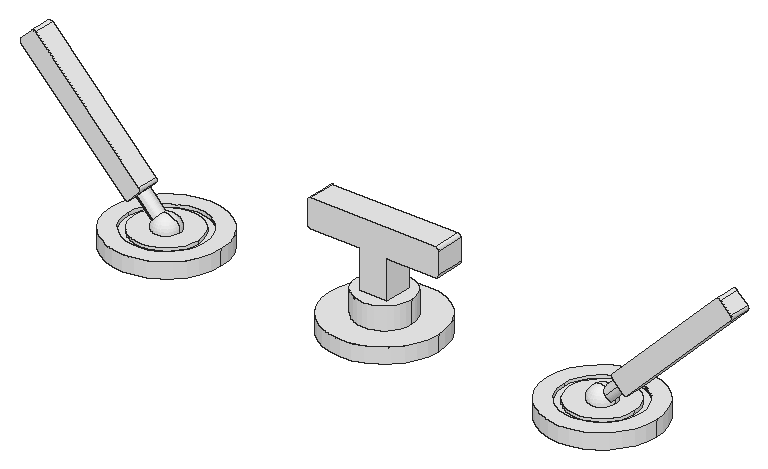
Revit family "Deca_Misturador Bidê Stick_1895.C84", category Plumbing Fixtures, host Face, Revit 2010
Parameters (values of type "1895.C84_Cromado CR10")
  Vendido Separadamente = " Ligação Flexível: 30 cm (4607.C.030), 40 cm (4607.C.040), 50 cm (4607.C.050)."  # constant formula
  Variações de COR = "Cromado (1895.C84)"  # constant formula
  URL = "www.deca.com.br/produtos"
  Segmento = "Luxo"  # constant formula
  Raio Água Quente = 7.5 mm  # constant formula
  Raio Água Fria = 7.5 mm  # constant formula
  Produto = "Misturador bidê Stick"  # constant formula
  Pressão = "2 A 40 mca"  # constant formula
  Peso Liquido (Kg) = 2.16
  Norma = "ABNT NBR 10283:2003"  # constant formula
  Model = Código  # "1895.C84"
  Misturador = Deca CR10 Cromado Metal
  Material = "Deca_Latão Cromado e Plástico de Engenharia"  # constant formula
  Manufacturer = "Deca"  # constant formula
  Louça/Metais = "Metal"  # constant formula
  Linha = "Stick"  # constant formula
  Informações Complementares = "Mecanismo: 1/4 volta"  # constant formula
  HWFU = 0
  Flow Pressure = 0.00 psi
  Diâmetro Água Quente = Raio Água Quente * 2  # 15 mm
  Diâmetro Água Fria = Raio Água Fria * 2  # 15 mm
  Distancia [instance] = 0 mm
  Description = "Misturador bidê"  # constant formula
  Default Elevation = 0 mm
  Código = "1895.C84"  # constant formula
  Criado por = "Contino/quattroD"  # constant formula
  Consumo = "Varia com a pressão"  # constant formula
  CWFU = 0
  Atendimento ao Cliente = "0800-0117073"  # constant formula
  Assembly Code = "D2020"
  Aprovado por = "Contino/quattroD"  # constant formula
  Acompanha o Produto = "Válvula de escoamento 1601.C"  # constant formula
Reference planes
  plane 1 "Center (Front/Back)": y = -110
  plane 2: z = 0
  plane 3 "Center (Left/Right)": x = 0
  plane 4 "Left 1": x = -25
  plane 5 "Back 1": y = -85
  plane 6 "Front  1": y = -135
  plane 7 "Right 1": x = 25
  plane 8 "Right 3": x = 125
  plane 9 "Right 2": x = 100
  plane 10 "Left 3": x = -125
  plane 11 "Left 2": x = -100
  plane 12 "Top 1": z = 7
  plane 13 "Top 2": z = 70.28
  plane 14 "Distancia": y = -110
Forms (mm)
  Extrusion 1, solid, material "Deca CR10 Cromado Metal"
    sketch origin (0, 0, 0) x (1, 0, 0) y (0, 1, 0)
      loop
        circle (0, -110) r 12.6
    from 7 to 17
  Extrusion 2, solid, material "Deca CR10 Cromado Metal"
    sketch origin (0, -110, 0) x (1, 0, 0) y (0, 0, 1)
      loop
        line (-28.5, 34.5) -> (28.5, 34.5)
        arc (28.5, 34.5) -> (29.561, 34.939) -> (30, 36) r 1.5
        line (30, 36) -> (30, 45.7)
        arc (30, 45.7) -> (29.561, 46.761) -> (28.5, 47.2) r 1.5
        line (28.5, 47.2) -> (-28.5, 47.2)
        arc (-28.5, 47.2) -> (-29.561, 46.761) -> (-30, 45.7) r 1.5
        line (-30, 45.7) -> (-30, 36)
        arc (-30, 36) -> (-29.561, 34.939) -> (-28.5, 34.5) r 1.5
    from -6.35 to 6.35
  Extrusion 3, solid, material "Deca CR10 Cromado Metal"
    sketch origin (0, 0, 0) x (0, 1, 0) y (0, 0, 1)
      loop
        line (-116.35, 34.5) -> (-116.35, 17) -> (-103.7, 17) -> (-103.7, 34.5) -> (-116.35, 34.5)
    from -6.35 to 6.35
  Extrusion 4, solid, material "Deca CR10 Cromado Metal" <- "Misturador"
    sketch origin (0, 0, 0) x (1, 0, 0) y (0, 1, 0)
      loop
        circle (0, -109.971) r 25
    from 0 to 7
Cuts and joins
  joined: Extrusion 1, Extrusion 2, Extrusion 3
Lines and regions (mm)
  Masking region 1
    outline origin (0, 0, 0) x (1, 0, 0) y (0, 1, 0)
      loop
        arc (24.18, -103.65) -> (0, -85) -> (-24.18, -103.65) r 25
        line (-24.18, -103.65) -> (-28.5, -103.65)
        arc (-28.5, -103.65) -> (-29.561, -104.089) -> (-30, -105.15) r 1.5
        line (-30, -105.15) -> (-30, -114.85)
        arc (-30, -114.85) -> (-29.561, -115.911) -> (-28.5, -116.35) r 1.5
        line (-28.5, -116.35) -> (-24.18, -116.35)
        arc (-24.18, -116.35) -> (0, -135) -> (24.18, -116.35) r 25
        line (24.18, -116.35) -> (28.5, -116.35)
        arc (28.5, -116.35) -> (29.561, -115.911) -> (30, -114.85) r 1.5
        line (30, -114.85) -> (30, -105.15)
        arc (30, -105.15) -> (29.561, -104.089) -> (28.5, -103.65) r 1.5
        line (28.5, -103.65) -> (24.18, -103.65)
  Masking region 2
    outline origin (0, -110, 0) x (1, 0, 0) y (0, 0, 1)
      loop
        line (-25, 0) -> (25, 0) -> (25, 6)
        arc (25, 6) -> (24.707, 6.707) -> (24, 7) r 1
        line (24, 7) -> (12.6, 7) -> (12.6, 15.5)
        arc (12.6, 15.5) -> (12.161, 16.561) -> (11.1, 17) r 1.5
        line (11.1, 17) -> (6.35, 17) -> (6.35, 34.5) -> (28.5, 34.5)
        arc (28.5, 34.5) -> (29.561, 34.939) -> (30, 36) r 1.5
        line (30, 36) -> (30, 45.7)
        arc (30, 45.7) -> (29.561, 46.761) -> (28.5, 47.2) r 1.5
        line (28.5, 47.2) -> (-28.5, 47.2)
        arc (-28.5, 47.2) -> (-29.561, 46.761) -> (-30, 45.7) r 1.5
        line (-30, 45.7) -> (-30, 36)
        arc (-30, 36) -> (-29.561, 34.939) -> (-28.5, 34.5) r 1.5
        line (-28.5, 34.5) -> (-6.35, 34.5) -> (-6.35, 17) -> (-11.1, 17)
        arc (-11.1, 17) -> (-12.161, 16.561) -> (-12.6, 15.5) r 1.5
        line (-12.6, 15.5) -> (-12.6, 7) -> (-24, 7)
        arc (-24, 7) -> (-24.707, 6.707) -> (-25, 6) r 1
        line (-25, 6) -> (-25, 0)
  Masking region 3
    outline origin (0, 0, 0) x (0, 1, 0) y (0, 0, 1)
      loop
        line (-135, 6) -> (-135, 0) -> (-85, 0) -> (-85, 6)
        arc (-85, 6) -> (-85.293, 6.707) -> (-86, 7) r 1
        line (-86, 7) -> (-97.4, 7) -> (-97.4, 15.5)
        arc (-97.4, 15.5) -> (-97.839, 16.561) -> (-98.9, 17) r 1.5
        line (-98.9, 17) -> (-103.65, 17) -> (-103.65, 45.7)
        arc (-103.65, 45.7) -> (-104.089, 46.761) -> (-105.15, 47.2) r 1.5
        line (-105.15, 47.2) -> (-114.85, 47.2)
        arc (-114.85, 47.2) -> (-115.911, 46.761) -> (-116.35, 45.7) r 1.5
        line (-116.35, 45.7) -> (-116.35, 17) -> (-121.1, 17)
        arc (-121.1, 17) -> (-122.161, 16.561) -> (-122.6, 15.5) r 1.5
        line (-122.6, 15.5) -> (-122.6, 7) -> (-134, 7)
        arc (-134, 7) -> (-134.707, 6.707) -> (-135, 6) r 1
  symbolic lines
    curve 1: line (-24.18, -116.35, 0) -> (24.18, -116.35, 0)
    curve 2: line (24.18, -103.65, 0) -> (-24.18, -103.65, 0)
    curve 3: arc (23.145, -103.65, 0) -> (0, -86, 0) -> (-23.145, -103.65, 0) r 24
    curve 4: arc (-23.145, -116.35, 0) -> (0, -134, 0) -> (23.145, -116.35, 0) r 24
    curve 5: arc (-10.883, -116.35, 0) -> (0, -122.6, 0) -> (10.883, -116.35, 0) r 12.6
    curve 6: arc (-9.104, -116.35, 0) -> (0, -121.1, 0) -> (9.104, -116.35, 0) r 11.1
    curve 7: arc (9.104, -103.65, 0) -> (0, -98.9, 0) -> (-9.104, -103.65, 0) r 11.1
    curve 8: arc (10.883, -103.65, 0) -> (0, -97.4, 0) -> (-10.883, -103.65, 0) r 12.6
    curve 9: line (-12.6, -110, 7) -> (12.6, -110, 7)
    curve 10: line (-6.35, -110, 17) -> (6.35, -110, 17)
    curve 11: line (-6.35, -110, 34.5) -> (6.35, -110, 34.5)
    curve 12: arc (0, -116.35, 36) -> (0, -115.911, 34.939) -> (0, -114.85, 34.5) r 1.5
    curve 13: arc (0, -105.23, 34.5) -> (0, -104.113, 34.963) -> (0, -103.65, 36.08) r 1.58
    curve 14: line (0, -116.35, 34.5) -> (0, -103.65, 34.5)
    curve 15: line (0, -116.35, 17) -> (0, -103.65, 17)
    curve 16: line (0, -122.6, 7) -> (0, -97.6, 7)
Dimensions and locks
  plane 10 "Left 3" to plane 8 "Right 3" = 250 mm  (x2)
  plane 13 "Top 2" to plane 12 "Top 1" to host face = 63.28 mm, 7 mm  (x2)
  plane 13 "Top 2" to host face = 70.28 mm  (x2)
  plane 6 "Front  1" to plane 5 "Back 1" = 50 mm  (x2)
  "Distancia": plane 14 "Distancia" to plane 1 "Center (Front/Back)"
  plane 11 "Left 2" to plane 3 "Center (Left/Right)" = 100 mm
  plane 3 "Center (Left/Right)" to plane 9 "Right 2" = 100 mm
  plane 9 "Right 2" to plane 3 "Center (Left/Right)" to plane 11 "Left 2" = 100 mm, 100 mm
  aligned and locked: host face to plane 2
  aligned and locked: level to host face
  aligned and locked: nested 1 to plane 14 "Distancia"
Automatic sketch dimensions
  curve 3 to curve 4 = 0 mm  (x2)
  curve 3 to curve 5 = 0 mm  (x2)
  curve 3 to curve 6 = 0 mm  (x2)
  curve 3 to curve 7 = 0 mm  (x2)
  curve 3 to curve 8 = 0 mm  (x2)
  curve 4 to curve 5 = 0 mm  (x2)
  curve 4 to curve 6 = 0 mm  (x2)
  curve 4 to curve 7 = 0 mm  (x2)
  curve 4 to curve 8 = 0 mm  (x2)
  curve 5 to curve 6 = 0 mm  (x2)
  curve 5 to curve 7 = 0 mm  (x2)
  curve 5 to curve 8 = 0 mm  (x2)
  curve 6 to curve 7 = 0 mm  (x2)
  curve 6 to curve 8 = 0 mm  (x2)
  curve 7 to curve 8 = 0 mm  (x2)
  plane 1 "Center (Front/Back)" to curve 8 = 0 mm
  curve 8 to plane 3 "Center (Left/Right)" = 0 mm
  curve 6 to plane 3 "Center (Left/Right)" = 9.104 mm
  curve 7 to plane 3 "Center (Left/Right)" = 9.104 mm
  curve 8 to curve 7 = 1.779 mm
  curve 5 to curve 6 = 1.779 mm
  curve 3 to plane 4 "Left 1" = 1.855 mm
  curve 4 to plane 4 "Left 1" = 1.855 mm
  curve 1 to plane 4 "Left 1" = 0.82 mm
  curve 2 to plane 4 "Left 1" = 0.82 mm
  curve 2 to plane 7 "Right 1" = 0.82 mm
  curve 1 to plane 7 "Right 1" = 0.82 mm
  plane 1 "Center (Front/Back)" to curve 4 = 6.35 mm
  curve 2 to plane 1 "Center (Front/Back)" = 6.35 mm
  curve 9 to plane 12 "Top 1" = 0 mm
  curve 9 to plane 4 "Left 1" = 12.4 mm
  curve 10 to plane 3 "Center (Left/Right)" = 6.35 mm
  curve 11 to plane 3 "Center (Left/Right)" = 6.35 mm
  plane 3 "Center (Left/Right)" to curve 10 = 6.35 mm
  plane 3 "Center (Left/Right)" to curve 11 = 6.35 mm
  curve 10 to curve 9 = 6.25 mm
  plane 12 "Top 1" to curve 10 = 10 mm
  host sketch curve to host sketch curve = 468.606 mm
  host sketch curve to host sketch curve = 275.91 mm
  plane 1 "Center (Front/Back)" to Extrusion 1 sketch curve = 0 mm
  Extrusion 1 sketch curve to plane 3 "Center (Left/Right)" = 0 mm
  plane 4 "Left 1" to Extrusion 2 sketch curve = 5 mm
  Extrusion 2 sketch curve to Extrusion 2 sketch curve = 1.5 mm  (x3)
  plane 7 "Right 1" to Extrusion 2 sketch curve = 3.5 mm  (x2)
  Extrusion 2 sketch curve to Extrusion 2 sketch curve = 9.7 mm
  plane 1 "Center (Front/Back)" to Extrusion 3 sketch curve = 6.35 mm
  Extrusion 3 sketch curve to plane 1 "Center (Front/Back)" = 6.3 mm
  plane 12 "Top 1" to Extrusion 3 sketch curve = 10 mm
  Masking region 1 sketch curve to Masking region 1 sketch curve = 0 mm  (x2)
  plane 1 "Center (Front/Back)" to Masking region 1 sketch curve = 0 mm
  Masking region 1 sketch curve to plane 3 "Center (Left/Right)" = 0 mm
  Masking region 1 sketch curve to plane 4 "Left 1" = 0.82 mm  (x2)
  plane 4 "Left 1" to Masking region 1 sketch curve = 3.5 mm  (x2)
  Masking region 1 sketch curve to Masking region 1 sketch curve = 1.5 mm  (x2)
  Masking region 1 sketch curve to plane 7 "Right 1" = 0.82 mm  (x2)
  plane 7 "Right 1" to Masking region 1 sketch curve = 3.5 mm  (x2)
  plane 1 "Center (Front/Back)" to Masking region 1 sketch curve = 4.85 mm
  Masking region 1 sketch curve to plane 1 "Center (Front/Back)" = 4.85 mm
  Masking region 2 sketch curve to level = 0 mm
  plane 4 "Left 1" to Masking region 2 sketch curve = 0 mm
  Masking region 2 sketch curve to plane 12 "Top 1" = 0 mm  (x2)
  Masking region 2 sketch curve to plane 7 "Right 1" = 0 mm
  plane 4 "Left 1" to Masking region 2 sketch curve = 3.5 mm  (x2)
  Masking region 2 sketch curve to Masking region 2 sketch curve = 1.5 mm  (x4)
  Masking region 2 sketch curve to Masking region 2 sketch curve = 1 mm  (x2)
  Masking region 2 sketch curve to Masking region 2 sketch curve = 0 mm  (x2)
  Masking region 2 sketch curve to plane 4 "Left 1" = 12.4 mm
  Masking region 2 sketch curve to Masking region 2 sketch curve = 4.75 mm  (x2)
  plane 3 "Center (Left/Right)" to Masking region 2 sketch curve = 6.35 mm
  plane 7 "Right 1" to Masking region 2 sketch curve = 3.5 mm  (x2)
  plane 12 "Top 1" to Masking region 2 sketch curve = 8.5 mm
  Masking region 2 sketch curve to Masking region 2 sketch curve = 8.5 mm
  Masking region 2 sketch curve to Masking region 2 sketch curve = 11.2 mm
  Extrusion 4 sketch curve to plane 3 "Center (Left/Right)" = 0 mm
  Extrusion 4 sketch curve to plane 1 "Center (Front/Back)" = 0.029 mm
  curve 10 to curve 11 = 17.5 mm
  plane 12 "Top 1" to Extrusion 2 sketch curve = 27.5 mm
  Extrusion 3 sketch curve to Extrusion 3 sketch curve = 17.5 mm
  Masking region 2 sketch curve to Masking region 2 sketch curve = 17.5 mm
  Masking region 3 sketch curve to plane 6 "Front  1" = 0 mm
  Masking region 3 sketch curve to plane 12 "Top 1" = 0 mm  (x2)
  Masking region 3 sketch curve to plane 5 "Back 1" = 0 mm
  Masking region 3 sketch curve to level = 0 mm
  plane 6 "Front  1" to Masking region 3 sketch curve = 1 mm
  Masking region 3 sketch curve to Masking region 3 sketch curve = 11.4 mm
  Masking region 3 sketch curve to Masking region 3 sketch curve = 1.5 mm  (x3)
  plane 1 "Center (Front/Back)" to Masking region 3 sketch curve = 6.35 mm
  Masking region 3 sketch curve to plane 1 "Center (Front/Back)" = 4.85 mm
  Masking region 3 sketch curve to Masking region 3 sketch curve = 4.75 mm
  plane 5 "Back 1" to Masking region 3 sketch curve = 1 mm
  plane 12 "Top 1" to Masking region 3 sketch curve = 0 mm
  Masking region 3 sketch curve to Masking region 3 sketch curve = 8.5 mm
  plane 12 "Top 1" to Masking region 3 sketch curve = 8.5 mm
  Masking region 3 sketch curve to plane 13 "Top 2" = 24.58 mm
  Masking region 3 sketch curve to Masking region 3 sketch curve = 0 mm
  curve 16 to plane 12 "Top 1" = 0 mm
  plane 6 "Front  1" to curve 16 = 12.4 mm
  plane 1 "Center (Front/Back)" to curve 15 = 6.35 mm
  plane 1 "Center (Front/Back)" to curve 12 = 6.35 mm
  curve 14 to curve 12 = 0 mm
  curve 14 to curve 12 = 1.5 mm
  curve 13 to plane 1 "Center (Front/Back)" = 4.77 mm
  curve 15 to plane 1 "Center (Front/Back)" = 6.35 mm
  curve 13 to curve 14 = 1.58 mm
  curve 13 to curve 13 = 1.58 mm
  curve 15 to curve 16 = 6.05 mm
  plane 12 "Top 1" to curve 15 = 10 mm
  curve 15 to curve 13 = 17.5 mm
  radius of Extrusion 1 sketch curve = 12.6 mm
  radius of Extrusion 4 sketch curve = 25 mm
Nested families
  nested 1: "Deca_Shared_Misturador Bidê Stick_1895.C84" at (0.051, -110, 0), Misturador <- "Misturador", type "1895.C84_Cromado CR10"
    with Misturador Deca CR10 Cromado Metal
Connectors
  piping at (-100, -110, 0), driven by "Raio Água Quente", driven by "Flow Pressure", driven by "HWFU"
    settings: on nested 1, index 1, connector radius 0.29528", flow factor 0, pipe flow 0 GPM, pressure drop 0.00 psi, fitting loss kfactor 0, connector angle 0.00°, fixture units 0, engagement length 0 mm, flow configuration 3, flow direction 1, fitting loss method 4, system type 19, joint type 0, gender type 0, connector reference index -1, connector utility 0, adjustable connector no, is connector primary yes, fitting loss table "", connector description ""
  piping at (100, -110, 0), driven by "Raio Água Fria", driven by "Flow Pressure", driven by "CWFU"
    settings: on nested 1, index 2, connector radius 0.29528", flow factor 0, pipe flow 0 GPM, pressure drop 0.00 psi, fitting loss kfactor 0, connector angle 0.00°, fixture units 0, engagement length 0 mm, flow configuration 3, flow direction 1, fitting loss method 4, system type 20, joint type 0, gender type 0, connector reference index -1, connector utility 0, adjustable connector no, is connector primary no, fitting loss table "", connector description ""
Definition of nested family "Deca_Shared_Misturador Bidê Stick_1895.C84"
  Parameters (values of type "1895.C84_Cromado CR10")
    Misturador [instance] = none
    Assembly Code = ""
  Reference planes
    plane 1 "Center (Front/Back)": y = 0
    plane 2: z = 0
    plane 3 "Center (Left/Right)": x = -0.051
    plane 4 "Top 1": z = 70.277
    plane 5 "Back 1": y = 25.057
    plane 6 "Front 1": y = -24.943
    plane 7 "Left 2": x = -125.172
    plane 8 "Right 2": x = 124.877
    plane 9 "Left 1": x = -100.051
    plane 10 "Right 1": x = 99.949
  Forms (mm)
    Extrusion 1, solid, material <- "Misturador"
      sketch origin (-0.051, 110, 0) x (1, 0, 0) y (0, 1, 0)
        loop
          circle (-100, -110) r 25
        loop
          circle (100, -110) r 25
      from 0 to 7
    Revolve 2, solid, material <- "Misturador"
      sketch origin (-0.051, 0, 0) x (1, 0, 0) y (0, 0, 1)
        loop
          arc (100, 13) -> (95.757, 11.243) -> (94, 7) r 6
          line (94, 7) -> (100, 7) -> (100, 13)
        axis (100, 13) -> (100, 7)
      angle from 0 to 360
    Extrusion 3, solid, material <- "Misturador"
      sketch origin (120.787, 110, -6.487) x (0, 1, 0) y (-0.707107, 0, 0.707107)
        loop
          circle (-110, 24.274) r 3
      from -1.664 to 10.401
    Extrusion 4, solid, material <- "Misturador"
      sketch origin (-0.051, 0, 0) x (1, 0, 0) y (0, 0, 1)
        loop
          arc (113.341, 15.719) -> (114.402, 15.28) -> (115.462, 15.719) r 1.5
          line (115.462, 15.719) -> (162.838, 63.095)
          arc (162.838, 63.095) -> (163.278, 64.156) -> (162.838, 65.217) r 1.5
          line (162.838, 65.217) -> (158.214, 69.841)
          arc (158.214, 69.841) -> (157.153, 70.28) -> (156.093, 69.841) r 1.5
          line (156.093, 69.841) -> (108.716, 22.465)
          arc (108.716, 22.465) -> (108.277, 21.404) -> (108.716, 20.344) r 1.5
          line (108.716, 20.344) -> (113.341, 15.719)
      from -4.77 to 4.77
    Revolve 5, solid, material <- "Misturador"
      sketch origin (-0.051, 0, 0) x (-1, 0, 0) y (0, 0, 1)
        loop
          arc (100, 13) -> (95.757, 11.243) -> (94, 7) r 6
          line (94, 7) -> (100, 7) -> (100, 13)
        axis (100, 13) -> (100, 7)
      angle from 0 to 360
    Extrusion 6, solid, material <- "Misturador"
      sketch origin (-120.889, 110, -6.487) x (0, 1, 0) y (-0.707107, 0, -0.707107)
        loop
          circle (-110, -24.274) r 3
      from -1.911 to 10.401
    Extrusion 7, solid, material <- "Misturador"
      sketch origin (-0.051, 0, 0) x (-1, 0, 0) y (0, 0, -1)
        loop
          line (113.341, -15.719) -> (108.716, -20.344)
          arc (108.716, -20.344) -> (108.277, -21.404) -> (108.716, -22.465) r 1.5
          line (108.716, -22.465) -> (156.093, -69.841)
          arc (156.093, -69.841) -> (157.153, -70.28) -> (158.214, -69.841) r 1.5
          line (158.214, -69.841) -> (162.838, -65.217)
          arc (162.838, -65.217) -> (163.278, -64.156) -> (162.838, -63.095) r 1.5
          line (162.838, -63.095) -> (115.462, -15.719)
          arc (115.462, -15.719) -> (114.402, -15.28) -> (113.341, -15.719) r 1.5
      from -4.77 to 4.77
    Extrusion 8, void
      sketch origin (0, 0, 0) x (1, 0, 0) y (0, 1, 0)
        loop
          circle (-100.051, 0) r 17.75
        loop
          circle (-100.051, 0) r 14.75
        loop
          circle (99.949, 0) r 17.75
        loop
          circle (99.949, 0) r 14.75
      from 5.721 to 13.297
  Cuts and joins
    Extrusion 8 cuts Extrusion 1
    Extrusion 8 cuts Revolve 2
    Extrusion 8 cuts Extrusion 3
    Extrusion 8 cuts Extrusion 4
    Extrusion 8 cuts Revolve 5
    Extrusion 8 cuts Extrusion 6
    Extrusion 8 cuts Extrusion 7
  Lines and regions (mm)
    Masking region 1
      outline origin (0, 0, 0) x (1, 0, 0) y (0, 1, 0)
        loop
          arc (-161.829, 4.77) -> (-162.889, 4.331) -> (-163.329, 3.27) r 1.5
          line (-163.329, 3.27) -> (-163.329, -3.27)
          arc (-163.329, -3.27) -> (-162.889, -4.331) -> (-161.829, -4.77) r 1.5
          line (-161.829, -4.77) -> (-124.592, -4.77)
          arc (-124.592, -4.77) -> (-97.655, -24.885) -> (-75.051, 0) r 25
          arc (-75.051, 0) -> (-97.655, 24.885) -> (-124.592, 4.77) r 25
          line (-124.592, 4.77) -> (-161.829, 4.77)
        loop
          line (161.727, 4.77) -> (124.49, 4.77)
          arc (124.49, 4.77) -> (97.553, 24.885) -> (74.949, 0) r 25
          arc (74.949, 0) -> (97.553, -24.885) -> (124.49, -4.77) r 25
          line (124.49, -4.77) -> (161.727, -4.77)
          arc (161.727, -4.77) -> (162.787, -4.331) -> (163.227, -3.27) r 1.5
          line (163.227, -3.27) -> (163.227, 3.27)
          arc (163.227, 3.27) -> (162.787, 4.331) -> (161.727, 4.77) r 1.5
    Masking region 2
      outline origin (0, 0, 0) x (1, 0, 0) y (0, 0, 1)
        loop
          arc (-156.144, 69.841) -> (-157.204, 70.28) -> (-158.265, 69.841) r 1.5
          line (-158.265, 69.841) -> (-162.889, 65.217)
          arc (-162.889, 65.217) -> (-163.329, 64.156) -> (-162.889, 63.095) r 1.5
          line (-162.889, 63.095) -> (-115.513, 15.719)
          arc (-115.513, 15.719) -> (-114.317, 15.286) -> (-113.218, 15.927) r 1.5
          line (-113.218, 15.927) -> (-105.846, 8.555)
          arc (-105.846, 8.555) -> (-106, 7.784) -> (-106.051, 7) r 6
          line (-106.051, 7) -> (-124.051, 7)
          arc (-124.051, 7) -> (-124.758, 6.707) -> (-125.051, 6) r 1
          line (-125.051, 6) -> (-125.051, 0) -> (-75.051, 0) -> (-75.051, 6)
          arc (-75.051, 6) -> (-75.344, 6.707) -> (-76.051, 7) r 1
          line (-76.051, 7) -> (-94.051, 7)
          arc (-94.051, 7) -> (-96.398, 11.76) -> (-101.602, 12.796) r 6
          line (-101.602, 12.796) -> (-108.976, 20.17)
          arc (-108.976, 20.17) -> (-108.334, 21.269) -> (-108.767, 22.465) r 1.5
          line (-108.767, 22.465) -> (-156.144, 69.841)
        loop
          line (156.042, 69.841) -> (108.665, 22.465)
          arc (108.665, 22.465) -> (108.232, 21.269) -> (108.874, 20.17) r 1.5
          line (108.874, 20.17) -> (101.5, 12.796)
          arc (101.5, 12.796) -> (96.296, 11.76) -> (93.949, 7) r 6
          line (93.949, 7) -> (75.949, 7)
          arc (75.949, 7) -> (75.242, 6.707) -> (74.949, 6) r 1
          line (74.949, 6) -> (74.949, 0) -> (124.949, 0) -> (124.949, 6)
          arc (124.949, 6) -> (124.656, 6.707) -> (123.949, 7) r 1
          line (123.949, 7) -> (105.949, 7)
          arc (105.949, 7) -> (105.898, 7.784) -> (105.744, 8.555) r 6
          line (105.744, 8.555) -> (113.116, 15.927)
          arc (113.116, 15.927) -> (114.215, 15.286) -> (115.411, 15.719) r 1.5
          line (115.411, 15.719) -> (162.787, 63.095)
          arc (162.787, 63.095) -> (163.227, 64.156) -> (162.787, 65.217) r 1.5
          line (162.787, 65.217) -> (158.163, 69.841)
          arc (158.163, 69.841) -> (157.102, 70.28) -> (156.042, 69.841) r 1.5
    Masking region 3
      outline origin (-0.051, 0, 0) x (0, 1, 0) y (0, 0, 1)
        loop
          arc (24, 7) -> (24.707, 6.707) -> (25, 6) r 1
          line (25, 6) -> (25, 0) -> (0, 0) -> (-25, 0) -> (-25, 6)
          arc (-25, 6) -> (-24.707, 6.707) -> (-24, 7) r 1
        loop
          line (-23.923, 7) -> (-6, 7)
          arc (-6, 7) -> (-5.196, 10) -> (-3, 12.196) r 6
          line (-3, 12.196) -> (-3, 15.304)
          arc (-3, 15.304) -> (-4.23, 15.628) -> (-4.77, 16.78) r 1.5
          line (-4.77, 16.78) -> (-4.77, 68.78)
          arc (-4.77, 68.78) -> (-4.331, 69.841) -> (-3.27, 70.28) r 1.5
          line (-3.27, 70.28) -> (3.27, 70.28)
          arc (3.27, 70.28) -> (4.331, 69.841) -> (4.77, 68.78) r 1.5
          line (4.77, 68.78) -> (4.77, 16.78)
          arc (4.77, 16.78) -> (4.23, 15.628) -> (3, 15.304) r 1.5
          line (3, 15.304) -> (3, 12.196)
          arc (3, 12.196) -> (5.196, 10) -> (6, 7) r 6
          line (6, 7) -> (23.923, 7)
    symbolic lines
      curve 1: arc (-82.301, 0, 0) -> (-97.644, 17.586, 0) -> (-117.148, 4.77, 0) r 17.75
      curve 2: arc (-117.148, -4.77, 0) -> (-97.644, -17.586, 0) -> (-82.301, 0, 0) r 17.75
      curve 3: arc (-85.301, 0, 0) -> (-97.633, 14.551, 0) -> (-114.008, 4.77, 0) r 14.75
      curve 4: arc (-114.008, -4.77, 0) -> (-97.633, -14.551, 0) -> (-85.301, 0, 0) r 14.75
      curve 5: arc (-94.051, 0, 0) -> (-98.498, 5.796, 0) -> (-105.247, 3, 0) r 6
      curve 6: arc (-105.247, -3, 0) -> (-98.498, -5.796, 0) -> (-94.051, 0, 0) r 6
      curve 7: line (-103.724, 3, 0) -> (-108.353, 3, 0)
      curve 8: line (-108.353, -3, 0) -> (-103.724, -3, 0)
      curve 9: arc (-109.828, -4.77, 0) -> (-108.676, -4.23, 0) -> (-108.353, -3, 0) r 1.5
      curve 10: arc (-108.353, 3, 0) -> (-108.676, 4.23, 0) -> (-109.828, 4.77, 0) r 1.5
      curve 11: line (-124.592, 4.77, 0) -> (-109.828, 4.77, 0)
      curve 12: line (-109.828, -4.77, 0) -> (-124.592, -4.77, 0)
      curve 13: spline (-103.724, 3, 0) -> (-103.144, 2.898, 0) -> (-102.604, 2.598, 0) -> (-102.139, 2.121, 0) -> (-101.783, 1.5, 0) -> (-101.559, 0.776, 0) -> (-101.483, 0, 0) -> (-101.559, -0.776, 0) -> (-101.783, -1.5, 0) -> (-102.139, -2.121, 0) -> (-102.604, -2.598, 0) -> (-103.144, -2.898, 0) -> (-103.724, -3, 0)
      curve 14: arc (82.199, 0, 0) -> (97.542, 17.586, 0) -> (117.046, 4.77, 0) r 17.75
      curve 15: arc (117.046, -4.77, 0) -> (97.542, -17.586, 0) -> (82.199, 0, 0) r 17.75
      curve 16: arc (85.199, 0, 0) -> (97.531, 14.551, 0) -> (113.906, 4.77, 0) r 14.75
      curve 17: arc (113.906, -4.77, 0) -> (97.531, -14.551, 0) -> (85.199, 0, 0) r 14.75
      curve 18: arc (93.949, 0, 0) -> (98.396, 5.796, 0) -> (105.145, 3, 0) r 6
      curve 19: arc (105.145, -3, 0) -> (98.396, -5.796, 0) -> (93.949, 0, 0) r 6
      curve 20: line (103.622, 3, 0) -> (108.251, 3, 0)
      curve 21: line (108.251, -3, 0) -> (103.622, -3, 0)
      curve 22: arc (109.726, -4.77, 0) -> (108.574, -4.23, 0) -> (108.251, -3, 0) r 1.5
      curve 23: arc (108.251, 3, 0) -> (108.574, 4.23, 0) -> (109.726, 4.77, 0) r 1.5
      curve 24: line (124.49, 4.77, 0) -> (109.726, 4.77, 0)
      curve 25: line (109.726, -4.77, 0) -> (124.49, -4.77, 0)
      curve 26: spline (103.622, 3, 0) -> (103.042, 2.898, 0) -> (102.502, 2.598, 0) -> (102.037, 2.121, 0) -> (101.681, 1.5, 0) -> (101.457, 0.776, 0) -> (101.381, 0, 0) -> (101.457, -0.776, 0) -> (101.681, -1.5, 0) -> (102.037, -2.121, 0) -> (102.502, -2.598, 0) -> (103.042, -2.898, 0) -> (103.622, -3, 0)
      curve 27: line (-108.353, 3, 0) -> (-108.353, -3, 0)
      curve 28: line (108.251, 3, 0) -> (108.251, -3, 0)
      curve 29: line (-108.976, 0, 20.17) -> (-113.218, 0, 15.927)
      curve 30: line (-101.602, 0, 12.796) -> (-105.845, 0, 8.554)
      curve 31: line (-106.051, 0, 7) -> (-94.051, 0, 7)
      curve 32: line (108.874, 0, 20.17) -> (113.116, 0, 15.927)
      curve 33: line (101.5, 0, 12.796) -> (105.743, 0, 8.554)
      curve 34: line (105.949, 0, 7) -> (93.949, 0, 7)
      curve 35: line (-0.051, -12.6, 7) -> (-0.051, 12.6, 7)
      curve 36: line (-0.051, -3, 15.304) -> (-0.051, 3, 15.304)
      curve 37: line (-0.051, 3, 10.676) -> (-0.051, 3, 12.196)
      curve 38: line (-0.051, -3, 12.196) -> (-0.051, -3, 10.676)
      curve 39: line (-0.051, 4.77, 47.198) -> (-0.051, 4.77, 16.78)
      curve 40: line (-0.051, -4.77, 16.78) -> (-0.051, -4.77, 47.198)
      curve 41: spline (-0.051, -3, 10.676) -> (-0.051, -2.898, 10.112) -> (-0.051, -2.598, 9.587) -> (-0.051, -2.121, 9.136) -> (-0.051, -1.5, 8.789) -> (-0.051, -0.776, 8.572) -> (-0.051, 0, 8.498) -> (-0.051, 0.776, 8.572) -> (-0.051, 1.5, 8.789) -> (-0.051, 2.121, 9.136) -> (-0.051, 2.598, 9.587) -> (-0.051, 2.898, 10.112) -> (-0.051, 3, 10.676)
